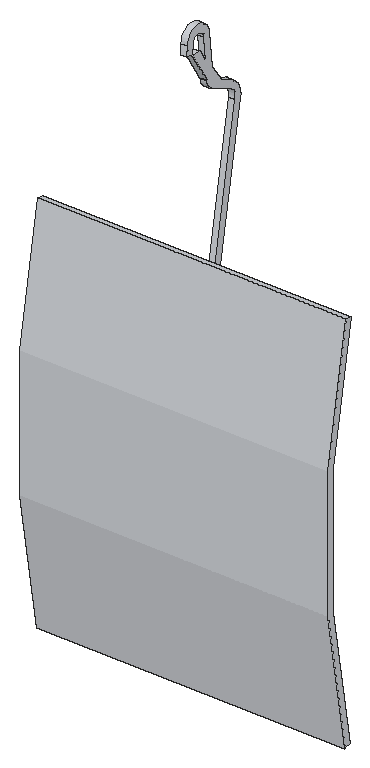
Revit family "5ft Forte Ceiling Panel Stored", category Furniture, Revit 2011
Parameters (values of type "Forte 4' Ceiling")
  URL = "http://www.wengercorp.com/Home/Contact.html"
  Toekick Material [instance] = none
  RH End Panel [instance] = no
  Model = "60"
  Manufacturer = "Wenger Corporation"
  LH End Panel [instance] = no
  End Panel Material [instance] = none
  Edge Banding Material [instance] = none
  Door Material [instance] = none
  Description = "Standard 16' Forte Tower"
  Assembly Code = ""
  Angle = 16.6923°
Reference planes (in)
  plane 1 "Top View 2D location": z = 270
  plane 2: x = 22.64221
  plane 3: x = 46.64221
  plane 4: x = 34.64221
  plane 5: y = 855.02239
  plane 6: z = 199.94228
Forms (in)
  Extrusion 1, solid
    sketch origin (58.64221, 560.62079, 827.04092) x (0, -0.257516, 0.966274) y (0, 0.966274, 0.257516)
      loop
        arc (-652.33674, 130.65489) -> (-680.12636, 119.17195) -> (-709.91861, 115.10479) r 117.70209
        line (-709.91861, 115.10479) -> (-709.87984, 114.10495)
        arc (-709.87984, 114.10495) -> (-679.89394, 118.19839) -> (-651.91784, 129.74174) r 118.69908
        line (-651.91784, 129.74174) -> (-652.33674, 130.65489)
    from 0 to 48
  Extrusion 2, solid
    sketch origin (47.39227, 550.17306, 819.85429) x (0, 0.255829, -0.966722) y (0, 0.966722, 0.255829)
      loop
        line (674.00797, 132.83014) -> (677.38539, 131.92516) -> (677.56163, 132.58292) -> (677.27009, 136.39071) -> (676.32685, 136.64345) -> (674.17486, 133.45299) -> (674.00797, 132.83014)
    from 0 to 0.25
  Extrusion 3, solid
    sketch origin (45.64221, 550.17306, 819.85429) x (0, 0.255829, -0.966722) y (0, 0.966722, 0.255829)
      loop
        line (674.00797, 132.83014) -> (677.38539, 131.92516) -> (677.56163, 132.58292) -> (677.27009, 136.39071) -> (676.32685, 136.64345) -> (674.17486, 133.45299) -> (674.00797, 132.83014)
    from 0 to 0.25
  Extrusion 4, solid
    sketch origin (23.39227, 550.17306, 819.85429) x (0, 0.255829, -0.966722) y (0, 0.966722, 0.255829)
      loop
        line (674.00797, 132.83014) -> (677.38539, 131.92516) -> (677.56163, 132.58292) -> (677.27009, 136.39071) -> (676.32685, 136.64345) -> (674.17486, 133.45299) -> (674.00797, 132.83014)
    from 0 to 0.25
  Extrusion 5, solid
    sketch origin (21.64221, 550.17306, 819.85429) x (0, 0.255829, -0.966722) y (0, 0.966722, 0.255829)
      loop
        line (674.00797, 132.83014) -> (677.38539, 131.92516) -> (677.56163, 132.58292) -> (677.27009, 136.39071) -> (676.32685, 136.64345) -> (674.17486, 133.45299) -> (674.00797, 132.83014)
    from 0 to 0.25
  Extrusion 6, solid
    sketch origin (47.64221, 177.94081, 64.71877) x (0, -1, 0) y (0, 0, 1)
      loop
        line (-676.08984, 136.22351) -> (-677.08984, 136.22351) -> (-677.08984, 135.22351) -> (-676.08984, 135.22351) -> (-676.08984, 136.22351)
    from -0.00006 to 26
  Extrusion 7, solid
    sketch origin (35.14221, 177.94081, 64.71877) x (0, -1, 0) y (0, 0, 1)
      loop
        line (-676.08984, 136.22351) -> (-676.08984, 142.15091) -> (-683.74531, 184.74649)
        arc (-683.74531, 184.74649) -> (-683.52247, 186.04739) -> (-682.53733, 186.92575) r 1.99868
        line (-682.53733, 186.92575) -> (-679.18968, 188.30833)
        arc (-679.18968, 188.30833) -> (-678.51213, 188.86132) -> (-678.25322, 189.69669) r 1.51471
        line (-678.25322, 189.69669) -> (-678.22809, 189.98616) -> (-678.11876, 189.92046) -> (-675.41481, 194.42059) -> (-675.61622, 194.54161) -> (-676.79761, 194.54161) -> (-678.02626, 192.52702) -> (-677.71045, 196.13677)
        arc (-677.71045, 196.13677) -> (-676.60544, 197.16721) -> (-675.46514, 196.17596) r 1.12901
        line (-675.46514, 196.17596) -> (-675.28077, 194.67438) -> (-674.29725, 194.79514) -> (-674.47868, 196.27279)
        arc (-674.47868, 196.27279) -> (-676.48611, 198.40857) -> (-678.68271, 196.46788) r 2.10527
        line (-678.68271, 196.46788) -> (-679.13378, 191.31212) -> (-681.0882, 188.62209) -> (-683.26307, 187.69892) -> (-683.58867, 187.4793) -> (-683.92627, 187.17532) -> (-684.22577, 186.8184) -> (-684.46298, 186.45311) -> (-684.66827, 185.88909) -> (-684.74174, 185.54344) -> (-684.77793, 185.12974) -> (-684.72834, 184.56291) -> (-677.11492, 142.20128) -> (-677.10486, 142.08627) -> (-677.08984, 141.91467) -> (-677.08984, 136.22351) -> (-676.08984, 136.22351)
    from 0 to 1
Dimensions and locks (in)
  equal spacing: plane 2, plane 4, plane 3, locked at 12 each
  Extrusion 1 sketch curve to Extrusion 1 sketch curve = 0' - 1.00465"
  locked: Extrusion 1 sketch curve to Extrusion 1 sketch curve at 1.00059
  Extrusion 1 to Extrusion 5 to Extrusion 4 to Extrusion 7 to Extrusion 7 to Extrusion 3 to Extrusion 2 to Extrusion 1 = 0' - 11 1/4", 0' - 1.75006" locked, 0' - 10.49994" locked, 0' - 1" locked, 0' - 10 1/2" locked, 0' - 1.75006" locked, 0' - 11.24994"
  locked: Extrusion 2 to Extrusion 2 at 0.25
  locked: Extrusion 3 to Extrusion 3 at 0.25
  Extrusion 7 to Extrusion 7 = 0' - 1"
  locked: Extrusion 4 to Extrusion 4 at 0.25
  locked: Extrusion 5 to Extrusion 5 at 0.25
  plane 5 to Extrusion 7 = 0' - 7.69636"
  Extrusion 2 to plane 6 = 0' - 1.0492"
  locked: Extrusion 7 to plane 5 at 0.99174
  locked: Extrusion 6 to plane 6 at 1
  Extrusion 7 to plane 6 = 5' - 3.18732"
  radius of Extrusion 1 sketch curve = 9' - 9.70209"
Automatic sketch dimensions
  Extrusion 6 sketch curve to plane 1 "Top View 2D location" = 5' - 10.05772"
  Extrusion 6 sketch curve to Extrusion 6 sketch curve = 0' - 1"  (x2)
  Extrusion 7 sketch curve to Extrusion 7 sketch curve = 0' - 0.10934"
  Extrusion 7 sketch curve to Extrusion 7 sketch curve = 0' - 0.13446"
  Extrusion 7 sketch curve to Extrusion 7 sketch curve = 0' - 0.97226"
  Extrusion 7 sketch curve to Extrusion 7 sketch curve = 0' - 0.90568"
  Extrusion 7 sketch curve to Extrusion 7 sketch curve = 0' - 0.93646"
  Extrusion 7 sketch curve to Extrusion 7 sketch curve = 0' - 0.5782"
  Extrusion 7 sketch curve to Extrusion 7 sketch curve = 0' - 1 41/128"
  Extrusion 7 sketch curve to Extrusion 7 sketch curve = 0' - 0.68619"
  Extrusion 7 sketch curve to Extrusion 7 sketch curve = 0' - 0.76295"
  Extrusion 7 sketch curve to Extrusion 7 sketch curve = 0' - 0.72574"
  Extrusion 7 sketch curve to Extrusion 7 sketch curve = 0' - 0.3256"
  Extrusion 7 sketch curve to Extrusion 7 sketch curve = 0' - 1.97093"
  Extrusion 7 sketch curve to Extrusion 7 sketch curve = 0' - 0.3376"
  Extrusion 7 sketch curve to Extrusion 7 sketch curve = 0' - 0.29949"
  Extrusion 7 sketch curve to Extrusion 7 sketch curve = 0' - 0.23722"
  Extrusion 7 sketch curve to Extrusion 7 sketch curve = 0' - 0.20529"
  Extrusion 7 sketch curve to Extrusion 7 sketch curve = 0' - 0.98303"
  Extrusion 7 sketch curve to Extrusion 7 sketch curve = 0' - 0.07347"
  Extrusion 7 sketch curve to Extrusion 7 sketch curve = 0' - 0.03619"
  Extrusion 7 sketch curve to Extrusion 7 sketch curve = 0' - 0.00203"
  Extrusion 7 sketch curve to Extrusion 7 sketch curve = 0' - 1.18139"
  Extrusion 7 sketch curve to Extrusion 7 sketch curve = 0' - 1.11856"
  Extrusion 7 sketch curve to Extrusion 7 sketch curve = 0' - 0.20141"
  Extrusion 7 sketch curve to Extrusion 7 sketch curve = 0' - 0.13404"
  Extrusion 7 sketch curve to Extrusion 7 sketch curve = 0' - 0.98645"
  Extrusion 7 sketch curve to Extrusion 7 sketch curve = 0' - 0.98352"
  Extrusion 7 sketch curve to plane 1 "Top View 2D location" = 5' - 9.05772"
  Extrusion 7 sketch curve to Extrusion 7 sketch curve = 0' - 5.69116"
  Extrusion 7 sketch curve to Extrusion 7 sketch curve = 0' - 0.1716"
  Extrusion 7 sketch curve to Extrusion 7 sketch curve = 0' - 0.06464"
  Extrusion 7 sketch curve to Extrusion 7 sketch curve = 0' - 0.11501"
  Extrusion 7 sketch curve to plane 1 "Top View 2D location" = 1' - 8.71832"
  Extrusion 7 sketch curve to Extrusion 7 sketch curve = 0' - 0 47/256"
  Extrusion 7 sketch curve to Extrusion 7 sketch curve = 0' - 0.33192"
  Extrusion 7 sketch curve to Extrusion 7 sketch curve = 0' - 0.56683"
  Extrusion 7 sketch curve to Extrusion 7 sketch curve = 0' - 0.4137"
  Extrusion 7 sketch curve to Extrusion 7 sketch curve = 0' - 0.34565"
  Extrusion 7 sketch curve to Extrusion 7 sketch curve = 0' - 0.56402"
  Extrusion 7 sketch curve to Extrusion 7 sketch curve = 0' - 0.36529"
  Extrusion 7 sketch curve to Extrusion 7 sketch curve = 0' - 0.35692"
  Extrusion 7 sketch curve to Extrusion 7 sketch curve = 0' - 0.30398"
  Extrusion 7 sketch curve to Extrusion 7 sketch curve = 0' - 0.21962"
  Extrusion 7 sketch curve to Extrusion 7 sketch curve = 0' - 1.38258"
  Extrusion 7 sketch curve to Extrusion 7 sketch curve = 0' - 0.31376"
  Extrusion 7 sketch curve to Extrusion 7 sketch curve = 0' - 1.38836"
  Extrusion 7 sketch curve to Extrusion 7 sketch curve = 0' - 0.22378"
  Extrusion 7 sketch curve to Extrusion 7 sketch curve = 0' - 0.0657"
  Extrusion 7 sketch curve to Extrusion 7 sketch curve = 0' - 1.32597"
  Extrusion 7 sketch curve to Extrusion 7 sketch curve = 0' - 1.2149"
  Extrusion 7 sketch curve to Extrusion 7 sketch curve = 0' - 0.25378"
  Extrusion 7 sketch curve to Extrusion 7 sketch curve = 0' - 0.12076"
  Extrusion 7 sketch curve to Extrusion 7 sketch curve = 0' - 0.13759"
  Extrusion 7 sketch curve to Extrusion 7 sketch curve = 0' - 0.26719"
  Extrusion 7 sketch curve to plane 1 "Top View 2D location" = 0' - 8.81335"
  Extrusion 7 sketch curve to Extrusion 7 sketch curve = 0' - 0.45107"
  Extrusion 7 sketch curve to Extrusion 7 sketch curve = 0' - 1.10752"
  Extrusion 7 sketch curve to Extrusion 7 sketch curve = 0' - 0.01006"
  Extrusion 7 sketch curve to Extrusion 7 sketch curve = 0' - 0.01501"
  Extrusion 7 sketch curve to Extrusion 7 sketch curve = 0' - 0.91284"
  Extrusion 7 sketch curve to Extrusion 7 sketch curve = 0' - 1"
  plane 5 to Extrusion 6 sketch curve = 0' - 0.00826"
  plane 5 to Extrusion 7 sketch curve = 0' - 7.69636"
  plane 5 to Extrusion 7 sketch curve = 0' - 0.03334"
  plane 6 to Extrusion 1 sketch curve = 0' - 0.20916"
  plane 5 to Extrusion 1 sketch curve = 9' - 5.59574"
  Extrusion 1 sketch curve to Extrusion 1 sketch curve = 0' - 0.00192"
  Extrusion 1 sketch curve to Extrusion 1 sketch curve = 0' - 0.89224"
  Extrusion 1 sketch curve to Extrusion 1 sketch curve = 0' - 0.03877"
  Extrusion 1 sketch curve to Extrusion 1 sketch curve = 4' - 9.58187"
  Extrusion 1 sketch curve to Extrusion 1 sketch curve = 0' - 0.4189"
  plane 6 to Extrusion 2 sketch curve = 0' - 2.31536"
  Extrusion 2 sketch curve to plane 5 = 0' - 4.00891"
  Extrusion 2 sketch curve to Extrusion 2 sketch curve = 0' - 0.16689"
  Extrusion 2 sketch curve to Extrusion 2 sketch curve = 0' - 2.15199"
  Extrusion 2 sketch curve to Extrusion 2 sketch curve = 0' - 0.94324"
  Extrusion 2 sketch curve to Extrusion 2 sketch curve = 0' - 3.37742"
  Extrusion 2 sketch curve to Extrusion 2 sketch curve = 0' - 0.17624"
  Extrusion 2 sketch curve to Extrusion 2 sketch curve = 0' - 0.24722"
  Extrusion 2 sketch curve to Extrusion 2 sketch curve = 0' - 3.80779"
  Extrusion 2 sketch curve to Extrusion 2 sketch curve = 0' - 0.25274"
  plane 6 to Extrusion 3 sketch curve = 0' - 2.31536"
  Extrusion 3 sketch curve to plane 5 = 0' - 4.00891"
  Extrusion 3 sketch curve to Extrusion 3 sketch curve = 0' - 0.16689"
  Extrusion 3 sketch curve to Extrusion 3 sketch curve = 0' - 2.15199"
  Extrusion 3 sketch curve to Extrusion 3 sketch curve = 0' - 0.94324"
  Extrusion 3 sketch curve to Extrusion 3 sketch curve = 0' - 3.37742"
  Extrusion 3 sketch curve to Extrusion 3 sketch curve = 0' - 0.17624"
  Extrusion 3 sketch curve to Extrusion 3 sketch curve = 0' - 0.24722"
  Extrusion 3 sketch curve to Extrusion 3 sketch curve = 0' - 3.80779"
  Extrusion 3 sketch curve to Extrusion 3 sketch curve = 0' - 0.25274"
  plane 6 to Extrusion 4 sketch curve = 0' - 2.31536"
  Extrusion 4 sketch curve to plane 5 = 0' - 4.00891"
  Extrusion 4 sketch curve to Extrusion 4 sketch curve = 0' - 0.16689"
  Extrusion 4 sketch curve to Extrusion 4 sketch curve = 0' - 2.15199"
  Extrusion 4 sketch curve to Extrusion 4 sketch curve = 0' - 0.94324"
  Extrusion 4 sketch curve to Extrusion 4 sketch curve = 0' - 3.37742"
  Extrusion 4 sketch curve to Extrusion 4 sketch curve = 0' - 0.17624"
  Extrusion 4 sketch curve to Extrusion 4 sketch curve = 0' - 0.24722"
  Extrusion 4 sketch curve to Extrusion 4 sketch curve = 0' - 3.80779"
  Extrusion 4 sketch curve to Extrusion 4 sketch curve = 0' - 0.25274"
  plane 6 to Extrusion 5 sketch curve = 0' - 2.31536"
  Extrusion 5 sketch curve to plane 5 = 0' - 4.00891"
  Extrusion 5 sketch curve to Extrusion 5 sketch curve = 0' - 0.16689"
  Extrusion 5 sketch curve to Extrusion 5 sketch curve = 0' - 2.15199"
  Extrusion 5 sketch curve to Extrusion 5 sketch curve = 0' - 0.94324"
  Extrusion 5 sketch curve to Extrusion 5 sketch curve = 0' - 3.37742"
  Extrusion 5 sketch curve to Extrusion 5 sketch curve = 0' - 0.17624"
  Extrusion 5 sketch curve to Extrusion 5 sketch curve = 0' - 0.24722"
  Extrusion 5 sketch curve to Extrusion 5 sketch curve = 0' - 3.80779"
  Extrusion 5 sketch curve to Extrusion 5 sketch curve = 0' - 0.25274"
Nested families (in)
  nested 1: "Labels" at (34.55954, 847.76436, 0), type "5'"
Definition of nested family "Labels"
  Parameters (values of type "Standard")
    Cabinet Label = "01"
  Types (4): name | Cabinet Label
    Standard | "01"
    Narrow | "01N"
    Narrow Acoustic | "01NA"
    Acoustic | "01A"
  Reference planes (in)
    plane 1: y = 0
    plane 2: x = 0
  Text (in)
    label "xxxx" at (-0.00018, 0.00754, 0), shows "Cabinet Label"
